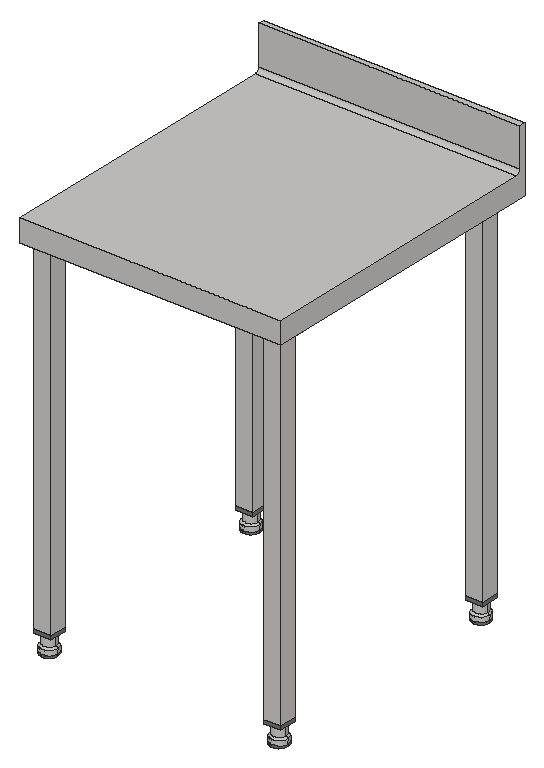
Revit family "QF_ZANUSSI_133228_TG600UN", category Attrezzature speciali, Revit 2020
Family settings
  Quota connettore circolare = Usa diametro
  Tipo di parte = Normale
  Basato su piano di lavoro = No
  Sempre verticale = Sì
  Taglio con vuoti quando caricato = No
  Condiviso = No
  Punto di calcolo locali = No
Parameters (values of type "Standard")
  Weight = 21.00 kg
  Watts = 0 W
  Volts = 0 V
  URL Manufacturer = "http://www.zanussiprofessional.com"
  URL = "http://www.zanussiprofessional.com"
  Steam Supply Size = 0 mm
  Steam Supply Minimum Pressure = 0.0 Pa
  Steam Supply Maximum Pressure = 0.0 Pa
  Steam Consumption per Hour = 0
  Refrigeration Suction Line Size = 0.0 mm
  Refrigeration Liquid Line Size = 0.0 mm
  Refrigerant Compressor Remote = yes
  Prospetto di default = 0.0 mm
  Produttore = "Zanussi"
  Phase = 0
  Modello = "TG600UN"
  Length Actual = 600.0 mm  # constant formula
  Item Number = "133228"
  Hot Water Size = 0 mm
  Height Actual = 1000.0 mm  # constant formula
  HP = "0 HP"
  Gas Size = 0 mm
  Gas KW = 0
  Gas Input Pressure = 0 W
  Direct Waste Size = 0 mm
  Descrizione = "WORK TABLE WITH UPSTAND 600 MM"
  Depth Actual = 700.0 mm  # constant formula
  Cycle = 0 Hz
  Condensate Return Size = 0 mm
  Compressed Air Volume = 0.0 L/s
  Compressed Air Size = 0 mm
  Compressed Air Pressure = 0.0 Pa
  Cold Water Size = 0 mm
  Accessory = yes
Reference planes
  plane 1 "Center (Front/Back)": y = 0
  plane 2: z = 0
  plane 3 "Center (Left/Right)": x = 200
  plane 4 "LEFT": x = -100
  plane 5 "RIGHT": x = 500
  plane 6 "BACK": y = 350
  plane 7 "FRONT": y = -350
  plane 8 "Base": z = 850
  plane 9 "TOP": z = 900
  plane 10: x = -64.5
  plane 11: x = 464.5
  plane 12: y = 269.5
  plane 13: y = -310.5
Forms (mm)
  Extrusion 1, solid, material "QF_Finishes_Stainless Steel"
    sketch origin (200, 0, 0) x (0, 1, 0) y (0, 0, 1)
      loop
        line (-350, 850) -> (350, 850) -> (350, 1000) -> (337, 1000) -> (337, 910)
        arc (337, 910) -> (334.071, 902.929) -> (327, 900) r 10
        line (327, 900) -> (-350, 900) -> (-350, 850)
    from 300 to -300
Lines and regions (mm)
  symbolic lines
    curve 1: line (500, 350, 900) -> (-100, 350, 900)
    curve 2: line (-100, 350, 900) -> (-100, -350, 900)
    curve 3: line (-100, -350, 900) -> (500, -350, 900)
    curve 4: line (500, -350, 900) -> (500, 350, 900)
    curve 5: line (500, 337, 900) -> (-100, 337, 900)
Dimensions and locks
  plane 4 "LEFT" to plane 5 "RIGHT" = 600.0 mm
  equal spacing: plane 4 "LEFT", plane 3 "Center (Left/Right)", plane 5 "RIGHT"
  locked: plane 8 "Base" to level at 850
  plane 4 "LEFT" to plane 10 = 35.5 mm
  plane 11 to plane 5 "RIGHT" = 35.5 mm
  plane 10 to plane 11 = 529.0 mm
  locked: Extrusion 1 to level at 1000
  plane 9 "TOP" to level = 900.0 mm
  plane 6 "BACK" to plane 12 = 80.5 mm
  plane 13 to plane 7 "FRONT" = 39.5 mm
  plane 6 "BACK" to plane 7 "FRONT" = 700.0 mm
  plane 12 to plane 13 = 580.0 mm
  equal spacing: plane 6 "BACK", plane 1 "Center (Front/Back)", plane 7 "FRONT"
  aligned and locked: level to plane 2
  aligned and locked: plane 10 to nested 1
  aligned and locked: nested 1 to plane 13
  aligned and locked: plane 11 to nested 2
  aligned and locked: nested 2 to plane 13
  aligned and locked: plane 11 to nested 4
  aligned and locked: nested 4 to plane 12
  aligned and locked: plane 10 to nested 3
  aligned and locked: nested 3 to plane 12
  aligned and locked: Extrusion 1 to plane 4 "LEFT"
  aligned and locked: plane 5 "RIGHT" to Extrusion 1
  aligned and locked: curve 2 to plane 4 "LEFT"
Automatic sketch dimensions
  Extrusion 1 sketch curve to plane 7 "FRONT" = 0.0 mm
  Extrusion 1 sketch curve to plane 9 "TOP" = 0.0 mm
  Extrusion 1 sketch curve to plane 6 "BACK" = 0.0 mm
  Extrusion 1 sketch curve to plane 8 "Base" = 0.0 mm
  plane 9 "TOP" to Extrusion 1 sketch curve = 10.0 mm
  Extrusion 1 sketch curve to plane 6 "BACK" = 13.0 mm
  Extrusion 1 sketch curve to Extrusion 1 sketch curve = 90.0 mm
  curve 3 to plane 7 "FRONT" = 0.0 mm
  curve 5 to plane 5 "RIGHT" = 0.0 mm
  curve 4 to plane 6 "BACK" = 0.0 mm
  curve 5 to plane 6 "BACK" = 13.0 mm
Nested families
  nested 1: "FEET_40x40_APP42" at (-64.5, -310.5, 0), type "FEET_40x40_APP42"
  nested 2: "FEET_40x40_APP42" at (464.5, -310.5, 0), type "FEET_40x40_APP42"
  nested 3: "FEET_40x40_APP42" at (-64.5, 269.5, 0), type "FEET_40x40_APP42"
  nested 4: "FEET_40x40_APP42" at (464.5, 269.5, 0), type "FEET_40x40_APP42"
Definition of nested family "FEET_40x40_APP42"
  Parameters
    Default Elevation = 0.0 mm
    FEET = 850.0 mm
  Reference planes
    plane 1 "Center (Front/Back)": y = 0
    plane 2: z = 0
    plane 3 "Center (Left/Right)": x = 0
    plane 4: z = 850
  Forms (mm)
    Extrusion 1, solid
      sketch origin (0, 0, 0) x (1, 0, 0) y (0, 1, 0)
        loop
          line (-20, -20) -> (20, -20) -> (20, 20) -> (-20, 20) -> (-20, -20)
      from 50 to 845
    Extrusion 2, solid
      sketch origin (0, 0, 0) x (1, 0, 0) y (0, 1, 0)
        loop
          circle (0, 0) r 20
      from 0 to 5
    Extrusion 3, solid
      sketch origin (0, 0, 0) x (1, 0, 0) y (0, 1, 0)
        loop
          line (30, 30) -> (-30, 30) -> (-30, -30) -> (30, -30) -> (30, 30)
      from 845 to 850
    Extrusion 4, solid
      sketch origin (0, 0, 0) x (1, 0, 0) y (0, 1, 0)
        loop
          line (-20, -20) -> (20, -20) -> (20, 20) -> (-20, 20) -> (-20, -20)
      from 50 to 42
    Revolve 5, solid
      sketch origin (0, 0, 0) x (1, 0, 0) y (0, 0, 1)
        loop
          line (0, 42) -> (-15, 42) -> (-15, 20) -> (-20, 15) -> (-20, 5) -> (0, 5) -> (0, 42)
        axis (0, 42) -> (0, 5)
      angle from 0 to 360
  Lines and regions (mm)
    symbolic lines
      curve 1: line (0, -1.503, 0) -> (0, 1.508, 0)
      curve 2: line (1.561, 0, 0) -> (-1.439, 0, 0)
  Dimensions and locks
    "FEET": plane 4 to plane 2
    aligned and locked: level to plane 2
  Automatic sketch dimensions
    plane 1 "Center (Front/Back)" to curve 2 = 0.0 mm
    curve 1 to plane 3 "Center (Left/Right)" = 0.0 mm
    curve 2 to plane 3 "Center (Left/Right)" = 1.439 mm
    plane 3 "Center (Left/Right)" to curve 2 = 1.561 mm
    plane 1 "Center (Front/Back)" to curve 1 = 1.503 mm
    curve 1 to plane 1 "Center (Front/Back)" = 1.508 mm
    Extrusion 1 sketch curve to plane 3 "Center (Left/Right)" = 20.0 mm
    plane 3 "Center (Left/Right)" to Extrusion 1 sketch curve = 20.0 mm
    plane 1 "Center (Front/Back)" to Extrusion 1 sketch curve = 20.0 mm
    Extrusion 1 sketch curve to plane 1 "Center (Front/Back)" = 20.0 mm
    plane 1 "Center (Front/Back)" to Extrusion 2 sketch curve = 0.0 mm
    Extrusion 2 sketch curve to plane 3 "Center (Left/Right)" = 0.0 mm
    Extrusion 3 sketch curve to plane 3 "Center (Left/Right)" = 30.0 mm
    plane 3 "Center (Left/Right)" to Extrusion 3 sketch curve = 30.0 mm
    plane 1 "Center (Front/Back)" to Extrusion 3 sketch curve = 30.0 mm
    Extrusion 3 sketch curve to plane 1 "Center (Front/Back)" = 30.0 mm
    Extrusion 4 sketch curve to plane 3 "Center (Left/Right)" = 20.0 mm
    plane 3 "Center (Left/Right)" to Extrusion 4 sketch curve = 20.0 mm
    plane 1 "Center (Front/Back)" to Extrusion 4 sketch curve = 20.0 mm
    Extrusion 4 sketch curve to plane 1 "Center (Front/Back)" = 20.0 mm
    Revolve 5 sketch curve to plane 3 "Center (Left/Right)" = 0.0 mm  (x2)
    Revolve 5 sketch curve to plane 3 "Center (Left/Right)" = 15.0 mm
    Revolve 5 sketch curve to Revolve 5 sketch curve = 5.0 mm  (x3)
    level to Revolve 5 sketch curve = 5.0 mm
    Revolve 5 sketch curve to Revolve 5 sketch curve = 10.0 mm
    Revolve 5 sketch curve to Revolve 5 sketch curve = 22.0 mm
    Revolve 5 sketch curve to level = 9.561 mm
    radius of Extrusion 2 sketch curve = 20.0 mm
